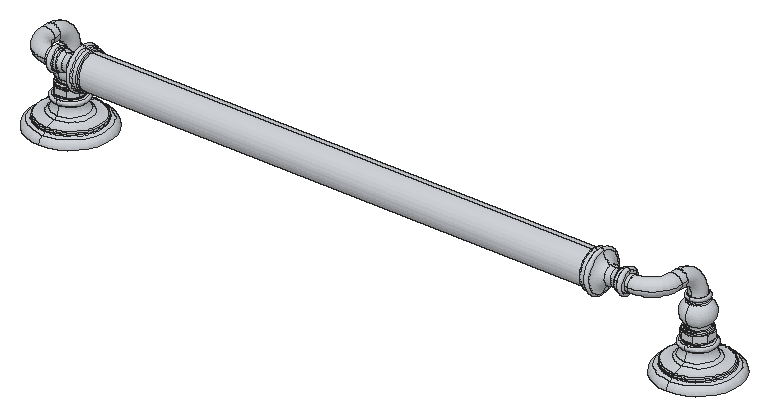
Revit family "Accessory-Grab_Bar-KOHLER-Artifacts-K-25156_1", category Specialty Equipment, host Face, Revit 2017
Family settings
  Host = Face
  Round Connector Dimension = Use Diameter
  Part Type = Normal
  OmniClass Number = 23.31.25.00
  OmniClass Title = Toilet and Bath Specialties
  Cut with Voids When Loaded = No
  Shared = No
  Room Calculation Point = No
Parameters (values of type "CP-Polished Chrome")
  Width = 24"  # constant formula
  WaterSense Certified = 1 = 0  # no
  URL = "https://www.us.kohler.com/us/"
  Type = 1
  Product Page URL = "http://www.us.kohler.com/us/catalog/productDetails.jsp?productId=25156"
  Product Name = "Artifacts"  # constant formula
  Product Documentation Link = "https://www.us.kohler.com/webassets/kpna/catalog/pdf/en/K-25156_spec_US-CA_Kohler_en.pdf"
  Model = if(Type = 1, "K-25156-CP", if(Type = 2, "K-25156-SN", if(Type = 3, "K-25156-BN", if(Type = 4, "K-25156-BV", if(Type = 5, "K-25156-2BZ", if(Type = 6, "K-25156-2MB", "NA"))))))  # "K-25156-CP"
  Material = "Premium Metal Construction"  # constant formula
  Master Format 2014 Name = "Toilet, Bath, and Laundry Accessories"  # constant formula
  Master Format 2014 = "10 28 00"  # constant formula
  Manufacturer Address = "444 Highland Dr, Kohler, WI 53044"  # constant formula
  Manufacturer = "KOHLER Co."  # constant formula
  Length = 4 3/8"  # constant formula
  Height = 4 1/4"  # constant formula
  Finish = Kohler-Metal-CP-Polished_Chrome
  Environmental Product Declaration = ""
  Description = "24 inch grab bar"  # constant formula
  Default Elevation = 42"
  Declare Label = ""
  Date Modified = "02/04/2021"  # constant formula
  Date Created = "02/04/2021"  # constant formula
  Copyright = "Copyright KOHLER Co."  # constant formula
  Contact Us = "https://www.us.kohler.com/us/static/contact.jsp"
  Assembly Code = "C1030200"
  ADA Compliant = 1 = 0  # no
Reference planes (in)
  plane 1 "Center (Front/Back)": y = 0
  plane 2: z = 0
  plane 3 "Center (Left/Right)": x = 0
  plane 4: y = 1.50203
  plane 5: y = -1.49797
  plane 6: z = 4.375
  plane 7: z = 3.59813
  plane 8: z = 2.81239
  plane 9: y = -2.74797
  plane 10: y = -1.22013
  plane 11: x = -13.5099
  plane 12: x = -10.50585
  plane 13: x = -12
  plane 14: x = 13.4901
  plane 15: x = 10.50585
  plane 16: x = 12
  plane 17: z = 0.44152
Dimensions and locks (in)
  plane 12 to plane 11 = 3.00405"
  plane 11 to plane 14 = 27"
  "Width": plane 13 to plane 16
  "Height": plane 9 to plane 4
  plane 5 to plane 4 = 3"
  "Length": level to plane 6
  aligned and locked: plane 2 to host face
  aligned and locked: level to host face
Automatic sketch dimensions
  host sketch curve to host sketch curve = 96"  (x2)
Nested families (in)
  nested 1: "K-25156" at (0, 0, 0), type "K-25156"
Definition of nested family "K-25156"
  Parameters (values of type "K-25156")
    Material = none
  Reference planes (in)
    plane 1 "Center (Front/Back)": y = 0
    plane 2: z = 0
    plane 3 "Center (Left/Right)": x = 0
    plane 4: x = -12.00787
    plane 5: x = 12.00787
    plane 6: y = 1.50203
    plane 7: z = 4.38387
    plane 8: z = 3.59813
    plane 9: z = 2.81239
    plane 10: y = -1.22013
    plane 11: y = -2.77975
    plane 12: y = -1.50203
    plane 13: x = -13.5099
    plane 14: x = -10.50585
    plane 15: x = 13.5099
    plane 16: x = 10.50585
  Forms (in)
    Revolve 1, solid, material <- "Material", detail levels medium+fine
      sketch origin (-12.00787, 0, 0) x (0, 1, 0) y (0, 0, 1)
        loop
          line (0, 0) -> (1.50203, 0)
          arc (1.50203, 0) -> (1.463, 0.15805) -> (1.34177, 0.2667) r 0.27637
          arc (1.34177, 0.2667) -> (1.27333, 0.29559) -> (1.20315, 0.31996) r 1.14245
          arc (1.20315, 0.31996) -> (1.18587, 0.33227) -> (1.17925, 0.35242) r 0.034
          line (1.17925, 0.35242) -> (1.17925, 0.41063)
          arc (1.17925, 0.41063) -> (1.1702, 0.43251) -> (1.14833, 0.44159) r 0.03095
          arc (1.14833, 0.44159) -> (0.95005, 0.46922) -> (0.7667, 0.54961) r 0.73112
          arc (0.7667, 0.54961) -> (0.70715, 0.5916) -> (0.65341, 0.6408) r 0.57302
          arc (0.65341, 0.6408) -> (0.56797, 0.7992) -> (0.57654, 0.97897) r 0.33598
          arc (0.57654, 0.97897) -> (0.58933, 1.00075) -> (0.60994, 1.01535) r 0.06001
          arc (0.60994, 1.01535) -> (0.64654, 1.09242) -> (0.57455, 1.13822) r 0.06443
          arc (0.57455, 1.13822) -> (0.53078, 1.15057) -> (0.51174, 1.19187) r 0.05431
          line (0.51174, 1.19187) -> (0.51174, 1.22485)
          arc (0.51174, 1.22485) -> (0.51758, 1.24217) -> (0.53272, 1.25242) r 0.0286
          arc (0.53272, 1.25242) -> (0.55421, 1.26695) -> (0.5625, 1.29154) r 0.04059
          line (0.5625, 1.29154) -> (0.5625, 1.42484)
          arc (0.5625, 1.42484) -> (0.54435, 1.46866) -> (0.50053, 1.48681) r 0.06197
          line (0.50053, 1.48681) -> (0.45939, 1.48681)
          arc (0.45939, 1.48681) -> (0.48215, 1.49624) -> (0.49158, 1.519) r 0.03219
          line (0.49158, 1.519) -> (0.49158, 1.57873)
          arc (0.49158, 1.57873) -> (0.48312, 1.59939) -> (0.4626, 1.60819) r 0.02947
          line (0.4626, 1.60819) -> (0.42421, 1.60819)
          arc (0.42421, 1.60819) -> (0.40295, 1.61706) -> (0.39427, 1.63841) r 0.02994
          arc (0.39427, 1.63841) -> (0.41024, 1.71621) -> (0.45438, 1.78225) r 0.20664
          arc (0.45438, 1.78225) -> (0.58363, 2.14721) -> (0.38323, 2.47848) r 0.45237
          arc (0.38323, 2.47848) -> (0.3625, 2.5012) -> (0.35499, 2.53102) r 0.06299
          line (0.35499, 2.53102) -> (0.35499, 2.61285)
          arc (0.35499, 2.61285) -> (0.40604, 2.66389) -> (0.35499, 2.71494) r 0.05104
          line (0.35499, 2.71494) -> (0, 2.71494) -> (0, 0)
        axis (0, 2.71494) -> (0, 0)
      angle from 0 to 360
    Sweep 2, solid, material <- "Material"
      path origin (-5.9984, 0, 0) x (1, 0, 0) y (0, 1, 0)
        loop
          line (-6.00394, -0.86829) -> (-6.00394, -1.14989)
          arc (-6.00394, -1.14989) -> (-5.7549, -1.75112) -> (-5.15367, -2.00015) r 0.85027
          line (-5.15367, -2.00015) -> (-4.98707, -2.00015)
      profile origin (-12.00234, -1.00909, 0) x (1, 0, 0) y (0, 0, 1)
        loop
          circle (0, 3.59774) r 0.29673
    Sweep 3, solid, material <- "Material"
      path origin (-12.0048, 0, 0) x (0, 1, 0) y (0, 0, 1)
        loop
          arc (-0.87044, 3.59849) -> (-0.2523, 3.33716) -> (0, 2.71528) r 0.87685
      profile origin (-12.0048, -0.2523, 3.33716) x (0, 0.712239, 0.701937) y (1, 0, 0)
        loop
          circle (0, 0) r 0.29528
    Revolve 4, solid, material <- "Material", detail levels medium+fine
      sketch origin (0, -1.99926, 0) x (1, 0, 0) y (0, 0, 1)
        loop
          line (-10.98793, 3.59774) -> (10.98639, 3.59774) -> (10.98639, 3.97817)
          arc (10.98639, 3.97817) -> (10.91724, 4.05681) -> (10.8304, 3.99829) r 0.07929
          arc (10.8304, 3.99829) -> (10.81704, 3.97811) -> (10.79413, 3.9703) r 0.0375
          line (10.79413, 3.9703) -> (10.6915, 3.9703)
          arc (10.6915, 3.9703) -> (10.67579, 3.96776) -> (10.66169, 3.96038) r 0.04972
          arc (10.66169, 3.96038) -> (10.58187, 3.91797) -> (10.49292, 3.90185) r 0.29366
          arc (10.49292, 3.90185) -> (10.38361, 3.90873) -> (10.27717, 3.93455) r 0.62601
          arc (10.27717, 3.93455) -> (10.07631, 4.07647) -> (9.98583, 4.30517) r 0.43077
          arc (9.98583, 4.30517) -> (9.9191, 4.37602) -> (9.83469, 4.32757) r 0.07855
          arc (9.83469, 4.32757) -> (9.81589, 4.30427) -> (9.78727, 4.2955) r 0.05108
          line (9.78727, 4.2955) -> (9.64089, 4.2955)
          arc (9.64089, 4.2955) -> (9.6184, 4.28618) -> (9.60908, 4.2637) r 0.0318
          line (9.60908, 4.2637) -> (9.60908, 4.22007) -> (-9.61062, 4.22007) -> (-9.61062, 4.2637)
          arc (-9.61062, 4.2637) -> (-9.61994, 4.28618) -> (-9.64242, 4.2955) r 0.0318
          line (-9.64242, 4.2955) -> (-9.78881, 4.2955)
          arc (-9.78881, 4.2955) -> (-9.81743, 4.30427) -> (-9.83622, 4.32757) r 0.05108
          arc (-9.83622, 4.32757) -> (-9.92064, 4.37602) -> (-9.98737, 4.30517) r 0.07855
          arc (-9.98737, 4.30517) -> (-10.07785, 4.07647) -> (-10.27871, 3.93455) r 0.43077
          arc (-10.27871, 3.93455) -> (-10.38515, 3.90873) -> (-10.49446, 3.90185) r 0.62601
          arc (-10.49446, 3.90185) -> (-10.5834, 3.91797) -> (-10.66323, 3.96038) r 0.29366
          arc (-10.66323, 3.96038) -> (-10.67733, 3.96776) -> (-10.69304, 3.9703) r 0.04972
          line (-10.69304, 3.9703) -> (-10.79567, 3.9703)
          arc (-10.79567, 3.9703) -> (-10.81858, 3.97811) -> (-10.83194, 3.99829) r 0.0375
          arc (-10.83194, 3.99829) -> (-10.91878, 4.05681) -> (-10.98793, 3.97817) r 0.07929
          line (-10.98793, 3.97817) -> (-10.98793, 3.59774)
        axis (10.98639, 3.59774) -> (-10.98793, 3.59774)
      angle from 0 to 360
    Extrusion 5, void
      sketch origin (-6.00086, 0, 0) x (1, 0, 0) y (0, 1, 0)
        loop
          line (-6.1993, 0.51405) -> (-6.52173, 0.19162) -> (-6.52173, -0.16635) -> (-6.20605, -0.48203) -> (-5.75429, -0.48203) -> (-5.48037, -0.20811) -> (-5.48037, 0.20882) -> (-5.78561, 0.51405) -> (-6.1993, 0.51405)
        loop
          line (-5.58949, 0.80816) -> (-6.28711, 0.80816) -> (-6.75797, 0.3373) -> (-6.75797, -0.24818) -> (-6.20517, -0.80098) -> (-5.8172, -0.80098) -> (-5.21797, -0.20176) -> (-5.21797, 0.3508) -> (-5.58949, 0.80816)
      from 1.23124 to 1.49689
    Revolve 6, solid, material <- "Material", detail levels coarse
      sketch origin (-12.00787, 0, 0) x (0, 1, 0) y (0, 0, 1)
        loop
          line (0, 0) -> (1.54415, 0) -> (1.54415, 0.44812) -> (1.05682, 0.44812)
          arc (1.05682, 0.44812) -> (0.6946, 0.61864) -> (0.59522, 1.00646) r 0.46999
          arc (0.59522, 1.00646) -> (0.65449, 1.07946) -> (0.59522, 1.15246) r 0.07459
          line (0.59522, 1.15246) -> (0.55272, 1.15246) -> (0.55272, 1.6187) -> (0.44909, 1.6187)
          arc (0.44909, 1.6187) -> (0.63469, 2.0768) -> (0.44909, 2.5349) r 0.65816
          line (0.44909, 2.5349) -> (0.44909, 2.81239) -> (0, 2.81239) -> (0, 0)
        axis (0, 2.81239) -> (0, 0)
      angle from 0 to 360
    Revolve 7, solid, material <- "Material", detail levels coarse
      sketch origin (0, -1.99311, 0) x (1, 0, 0) y (0, 0, 1)
        loop
          line (-10.991, 3.60482) -> (10.991, 3.60482) -> (10.991, 4.05707)
          arc (10.991, 4.05707) -> (10.93695, 4.13116) -> (10.84991, 4.10231) r 0.0778
          arc (10.84991, 4.10231) -> (10.38189, 3.93506) -> (10.03456, 4.29055) r 0.46042
          arc (10.03456, 4.29055) -> (9.91915, 4.38456) -> (9.80373, 4.29055) r 0.11785
          line (9.80373, 4.29055) -> (0.00394, 4.29055) -> (-9.80373, 4.29055)
          arc (-9.80373, 4.29055) -> (-9.91915, 4.38456) -> (-10.03456, 4.29055) r 0.11785
          arc (-10.03456, 4.29055) -> (-10.38189, 3.93506) -> (-10.84991, 4.10231) r 0.46042
          arc (-10.84991, 4.10231) -> (-10.93695, 4.13116) -> (-10.991, 4.05707) r 0.0778
          line (-10.991, 4.05707) -> (-10.991, 3.60482)
        axis (-10.991, 3.60482) -> (10.991, 3.60482)
      angle from 0 to 360
    Revolve 8, solid, material <- "Material", detail levels coarse
      sketch origin (12.00172, 0, 0) x (0, 1, 0) y (0, 0, -1)
        loop
          line (0, 0) -> (0, -2.81239) -> (0.44909, -2.81239) -> (0.44909, -2.5349)
          arc (0.44909, -2.5349) -> (0.63469, -2.0768) -> (0.44909, -1.6187) r 0.65816
          line (0.44909, -1.6187) -> (0.55272, -1.6187) -> (0.55272, -1.15246) -> (0.59522, -1.15246)
          arc (0.59522, -1.15246) -> (0.65449, -1.07946) -> (0.59522, -1.00646) r 0.07459
          arc (0.59522, -1.00646) -> (0.6946, -0.61864) -> (1.05682, -0.44812) r 0.46999
          line (1.05682, -0.44812) -> (1.54415, -0.44812) -> (1.54415, 0) -> (0, 0)
        axis (0, -2.81239) -> (0, 0)
      angle from 0 to 360
    Revolve 9, solid, material <- "Material", detail levels medium+fine
      sketch origin (12.00787, 0, 0) x (0, 1, 0) y (0, 0, -1)
        loop
          line (0, 0) -> (0, -2.71494) -> (0.35499, -2.71494)
          arc (0.35499, -2.71494) -> (0.40604, -2.66389) -> (0.35499, -2.61285) r 0.05104
          line (0.35499, -2.61285) -> (0.35499, -2.53102)
          arc (0.35499, -2.53102) -> (0.3625, -2.5012) -> (0.38323, -2.47848) r 0.06299
          arc (0.38323, -2.47848) -> (0.58363, -2.14721) -> (0.45438, -1.78225) r 0.45237
          arc (0.45438, -1.78225) -> (0.41024, -1.71621) -> (0.39427, -1.63841) r 0.20664
          arc (0.39427, -1.63841) -> (0.40295, -1.61706) -> (0.42421, -1.60819) r 0.02994
          line (0.42421, -1.60819) -> (0.4626, -1.60819)
          arc (0.4626, -1.60819) -> (0.48312, -1.59939) -> (0.49158, -1.57873) r 0.02947
          line (0.49158, -1.57873) -> (0.49158, -1.519)
          arc (0.49158, -1.519) -> (0.48215, -1.49624) -> (0.45939, -1.48681) r 0.03219
          line (0.45939, -1.48681) -> (0.50053, -1.48681)
          arc (0.50053, -1.48681) -> (0.54435, -1.46866) -> (0.5625, -1.42484) r 0.06197
          line (0.5625, -1.42484) -> (0.5625, -1.29154)
          arc (0.5625, -1.29154) -> (0.55421, -1.26695) -> (0.53272, -1.25242) r 0.04059
          arc (0.53272, -1.25242) -> (0.51758, -1.24217) -> (0.51174, -1.22485) r 0.0286
          line (0.51174, -1.22485) -> (0.51174, -1.19187)
          arc (0.51174, -1.19187) -> (0.53078, -1.15057) -> (0.57455, -1.13822) r 0.05431
          arc (0.57455, -1.13822) -> (0.64654, -1.09242) -> (0.60994, -1.01535) r 0.06443
          arc (0.60994, -1.01535) -> (0.58933, -1.00075) -> (0.57654, -0.97897) r 0.06001
          arc (0.57654, -0.97897) -> (0.56797, -0.7992) -> (0.65341, -0.6408) r 0.33598
          arc (0.65341, -0.6408) -> (0.70715, -0.5916) -> (0.7667, -0.54961) r 0.57302
          arc (0.7667, -0.54961) -> (0.95005, -0.46922) -> (1.14833, -0.44159) r 0.73112
          arc (1.14833, -0.44159) -> (1.1702, -0.43251) -> (1.17925, -0.41063) r 0.03095
          line (1.17925, -0.41063) -> (1.17925, -0.35242)
          arc (1.17925, -0.35242) -> (1.18587, -0.33227) -> (1.20315, -0.31996) r 0.034
          arc (1.20315, -0.31996) -> (1.27333, -0.29559) -> (1.34177, -0.2667) r 1.14245
          arc (1.34177, -0.2667) -> (1.463, -0.15805) -> (1.50203, 0) r 0.27637
          line (1.50203, 0) -> (0, 0)
        axis (0, -2.71494) -> (0, 0)
      angle from 0 to 360
    Sweep 10, solid, material <- "Material"
      path origin (12.0048, 0, 0) x (0, 1, 0) y (0, 0, -1)
        loop
          arc (-0.87044, -3.59849) -> (-0.2523, -3.33716) -> (0, -2.71528) r 0.87685
      profile origin (12.0048, -0.2523, 3.33716) x (0, -0.712239, -0.701937) y (-1, 0, 0)
        loop
          circle (0, 0) r 0.29528
    Extrusion 11, void
      sketch origin (6.00086, 0, 0) x (-1, 0, 0) y (0, -1, 0)
        loop
          line (-6.1993, -0.51405) -> (-5.78561, -0.51405) -> (-5.48037, -0.20882) -> (-5.48037, 0.20811) -> (-5.75429, 0.48203) -> (-6.20605, 0.48203) -> (-6.52173, 0.16635) -> (-6.52173, -0.19162) -> (-6.1993, -0.51405)
        loop
          line (-5.58949, -0.80816) -> (-5.21797, -0.3508) -> (-5.21797, 0.20176) -> (-5.8172, 0.80098) -> (-6.20517, 0.80098) -> (-6.75797, 0.24818) -> (-6.75797, -0.3373) -> (-6.28711, -0.80816) -> (-5.58949, -0.80816)
      from 1.23124 to 1.49689
    Sweep 12, solid, material <- "Material"
      path origin (5.9984, 0, 0) x (-1, 0, 0) y (0, 1, 0)
        loop
          line (-6.00394, -0.86829) -> (-6.00394, -1.14989)
          arc (-6.00394, -1.14989) -> (-5.7549, -1.75112) -> (-5.15367, -2.00015) r 0.85027
          line (-5.15367, -2.00015) -> (-4.98707, -2.00015)
      profile origin (12.00234, -1.00909, 0) x (1, 0, 0) y (0, 0, 1)
        loop
          circle (0, 3.59774) r 0.29673
  Cuts and joins
    Extrusion 5 cuts Sweep 3
    joined: Sweep 3, Sweep 10
    Extrusion 5, Extrusion 11 cuts Revolve 1
    Extrusion 11 cuts Revolve 9
    joined: Sweep 2, Sweep 12
  Lines and regions (in)
    Masking region 1
      outline origin (0, 0, 0) x (0, 1, 0) y (0, 0, 1)
        loop
          arc (1.50203, 0) -> (1.46924, 0.15485) -> (1.35153, 0.26066) r 0.25548
          arc (1.35153, 0.26066) -> (1.2769, 0.29227) -> (1.20126, 0.32138) r 2.43179
          arc (1.20126, 0.32138) -> (1.18637, 0.33221) -> (1.17945, 0.34929) r 0.0335
          line (1.17945, 0.34929) -> (1.17945, 0.4117)
          arc (1.17945, 0.4117) -> (1.17072, 0.43279) -> (1.14963, 0.44152) r 0.02983
          arc (1.14963, 0.44152) -> (1.11197, 0.44262) -> (1.07444, 0.4459) r 0.64733
          arc (1.07444, 0.4459) -> (1.02704, 0.45259) -> (0.98001, 0.46153) r 1.00495
          arc (0.98001, 0.46153) -> (0.93954, 0.47222) -> (0.90023, 0.48662) r 0.45034
          arc (0.90023, 0.48662) -> (0.79635, 0.5371) -> (0.69859, 0.5986) r 1.05762
          arc (0.69859, 0.5986) -> (0.61897, 0.67887) -> (0.57134, 0.78141) r 0.32792
          arc (0.57134, 0.78141) -> (0.55965, 0.87297) -> (0.57275, 0.96434) r 0.34382
          arc (0.57275, 0.96434) -> (0.58173, 0.9866) -> (0.59522, 1.00646) r 0.11294
          arc (0.59522, 1.00646) -> (0.64929, 1.07317) -> (0.59522, 1.13988) r 0.06818
          line (0.59522, 1.13988) -> (0.55272, 1.13988)
          arc (0.55272, 1.13988) -> (0.52576, 1.15083) -> (0.51405, 1.17747) r 0.03869
          line (0.51405, 1.17747) -> (0.51405, 1.48531) -> (0.46015, 1.48531)
          arc (0.46015, 1.48531) -> (0.48282, 1.4947) -> (0.49221, 1.51738) r 0.03206
          line (0.49221, 1.51738) -> (0.49221, 1.58166)
          arc (0.49221, 1.58166) -> (0.48446, 1.60037) -> (0.46576, 1.60812) r 0.02646
          line (0.46576, 1.60812) -> (0.42061, 1.60812)
          arc (0.42061, 1.60812) -> (0.40177, 1.61592) -> (0.39397, 1.63476) r 0.02664
          arc (0.39397, 1.63476) -> (0.39639, 1.6675) -> (0.4036, 1.69953) r 0.22267
          arc (0.4036, 1.69953) -> (0.43147, 1.75842) -> (0.47519, 1.80672) r 0.22267
          arc (0.47519, 1.80672) -> (0.49989, 1.83245) -> (0.51795, 1.8632) r 0.15257
          arc (0.51795, 1.8632) -> (0.54646, 1.91641) -> (0.56635, 1.9734) r 0.38738
          arc (0.56635, 1.9734) -> (0.58638, 2.07066) -> (0.58008, 2.16977) r 0.37361
          arc (0.58008, 2.16977) -> (0.51887, 2.3323) -> (0.40872, 2.46657) r 0.53376
          arc (0.40872, 2.46657) -> (0.37367, 2.49141) -> (0.35499, 2.5301) r 0.08608
          line (0.35499, 2.5301) -> (0.35499, 2.61285)
          arc (0.35499, 2.61285) -> (0.40723, 2.66509) -> (0.35499, 2.71732) r 0.05224
          line (0.35499, 2.71732) -> (0.29439, 2.71732)
          arc (0.29439, 2.71732) -> (0.29136, 2.82642) -> (0.2754, 2.93438) r 0.91707
          arc (0.2754, 2.93438) -> (0.25742, 3.01278) -> (0.23649, 3.09044) r 2.1167
          arc (0.23649, 3.09044) -> (0.07031, 3.41249) -> (-0.18462, 3.67004) r 1.19706
          arc (-0.18462, 3.67004) -> (-0.50499, 3.8364) -> (-0.86138, 3.89438) r 1.1354
          line (-0.86138, 3.89438) -> (-1.27927, 3.89438)
          arc (-1.27927, 3.89438) -> (-2.15087, 4.3691) -> (-2.77588, 3.59813) r 0.7757
          arc (-2.77588, 3.59813) -> (-2.15087, 2.82715) -> (-1.27927, 3.30188) r 0.7757
          line (-1.27927, 3.30188) -> (-0.87971, 3.30188)
          arc (-0.87971, 3.30188) -> (-0.46641, 3.13066) -> (-0.29527, 2.71732) r 0.58444
          line (-0.29527, 2.71732) -> (-0.35499, 2.71732)
          arc (-0.35499, 2.71732) -> (-0.40723, 2.66509) -> (-0.35499, 2.61285) r 0.05224
          line (-0.35499, 2.61285) -> (-0.35499, 2.5301)
          arc (-0.35499, 2.5301) -> (-0.37367, 2.49141) -> (-0.40872, 2.46657) r 0.08608
          arc (-0.40872, 2.46657) -> (-0.51887, 2.3323) -> (-0.58008, 2.16977) r 0.53376
          arc (-0.58008, 2.16977) -> (-0.58638, 2.07066) -> (-0.56635, 1.9734) r 0.37361
          arc (-0.56635, 1.9734) -> (-0.54646, 1.91641) -> (-0.51795, 1.8632) r 0.38738
          arc (-0.51795, 1.8632) -> (-0.49989, 1.83245) -> (-0.47519, 1.80672) r 0.15257
          arc (-0.47519, 1.80672) -> (-0.43147, 1.75842) -> (-0.4036, 1.69953) r 0.22267
          arc (-0.4036, 1.69953) -> (-0.39639, 1.6675) -> (-0.39397, 1.63476) r 0.22267
          arc (-0.39397, 1.63476) -> (-0.40177, 1.61592) -> (-0.42061, 1.60812) r 0.02664
          line (-0.42061, 1.60812) -> (-0.46576, 1.60812)
          arc (-0.46576, 1.60812) -> (-0.48446, 1.60037) -> (-0.49221, 1.58166) r 0.02646
          line (-0.49221, 1.58166) -> (-0.49221, 1.51738)
          arc (-0.49221, 1.51738) -> (-0.48282, 1.4947) -> (-0.46015, 1.48531) r 0.03206
          line (-0.46015, 1.48531) -> (-0.51405, 1.48531) -> (-0.51405, 1.17747)
          arc (-0.51405, 1.17747) -> (-0.52576, 1.15083) -> (-0.55272, 1.13988) r 0.03869
          line (-0.55272, 1.13988) -> (-0.59522, 1.13988)
          arc (-0.59522, 1.13988) -> (-0.64929, 1.07317) -> (-0.59522, 1.00646) r 0.06818
          arc (-0.59522, 1.00646) -> (-0.58173, 0.9866) -> (-0.57275, 0.96434) r 0.11294
          arc (-0.57275, 0.96434) -> (-0.55965, 0.87297) -> (-0.57134, 0.78141) r 0.34382
          arc (-0.57134, 0.78141) -> (-0.61897, 0.67887) -> (-0.69859, 0.5986) r 0.32792
          arc (-0.69859, 0.5986) -> (-0.79635, 0.5371) -> (-0.90023, 0.48662) r 1.05762
          arc (-0.90023, 0.48662) -> (-0.93954, 0.47222) -> (-0.98001, 0.46153) r 0.45034
          arc (-0.98001, 0.46153) -> (-1.02704, 0.45259) -> (-1.07444, 0.4459) r 1.00495
          arc (-1.07444, 0.4459) -> (-1.11197, 0.44262) -> (-1.14963, 0.44152) r 0.64733
          arc (-1.14963, 0.44152) -> (-1.17072, 0.43279) -> (-1.17945, 0.4117) r 0.02983
          line (-1.17945, 0.4117) -> (-1.17945, 0.34929)
          arc (-1.17945, 0.34929) -> (-1.18637, 0.33221) -> (-1.20126, 0.32138) r 0.0335
          arc (-1.20126, 0.32138) -> (-1.2769, 0.29227) -> (-1.35153, 0.26066) r 2.43179
          arc (-1.35153, 0.26066) -> (-1.46924, 0.15485) -> (-1.50203, 0) r 0.25548
          line (-1.50203, 0) -> (1.50203, 0)
    Masking region 2
      outline origin (0, 0, 0) x (1, 0, 0) y (0, 0, 1)
        loop
          line (12.00787, 0) -> (13.50591, 0)
          arc (13.50591, 0) -> (13.45662, 0.17884) -> (13.30542, 0.28632) r 0.27662
          arc (13.30542, 0.28632) -> (13.25826, 0.30418) -> (13.21064, 0.32082) r 1.94455
          arc (13.21064, 0.32082) -> (13.19406, 0.33276) -> (13.18715, 0.352) r 0.03447
          line (13.18715, 0.352) -> (13.18715, 0.40998)
          arc (13.18715, 0.40998) -> (13.17926, 0.43106) -> (13.15946, 0.44179) r 0.03212
          arc (13.15946, 0.44179) -> (13.13905, 0.44236) -> (13.11865, 0.44321) r 1.5345
          arc (13.11865, 0.44321) -> (13.04618, 0.45068) -> (12.97496, 0.46597) r 0.66949
          arc (12.97496, 0.46597) -> (12.83655, 0.51805) -> (12.7103, 0.59505) r 0.78843
          arc (12.7103, 0.59505) -> (12.62179, 0.69125) -> (12.57413, 0.81298) r 0.3547
          arc (12.57413, 0.81298) -> (12.56901, 0.89954) -> (12.58612, 0.98455) r 0.33748
          arc (12.58612, 0.98455) -> (12.60589, 1.00793) -> (12.63179, 1.02425) r 0.10018
          arc (12.63179, 1.02425) -> (12.65783, 1.07483) -> (12.63179, 1.12542) r 0.06215
          arc (12.63179, 1.12542) -> (12.6124, 1.13541) -> (12.59096, 1.13948) r 0.07592
          line (12.59096, 1.13948) -> (12.56004, 1.13948)
          arc (12.56004, 1.13948) -> (12.53696, 1.15325) -> (12.52259, 1.17596) r 0.0579
          line (12.52259, 1.17596) -> (12.52259, 1.48696) -> (12.46715, 1.48696)
          arc (12.46715, 1.48696) -> (12.48995, 1.49641) -> (12.49939, 1.5192) r 0.03224
          line (12.49939, 1.5192) -> (12.49939, 1.57873)
          arc (12.49939, 1.57873) -> (12.49076, 1.59956) -> (12.46993, 1.60819) r 0.02946
          line (12.46993, 1.60819) -> (12.43104, 1.60819)
          arc (12.43104, 1.60819) -> (12.41052, 1.61669) -> (12.40203, 1.6372) r 0.02901
          arc (12.40203, 1.6372) -> (12.40644, 1.67919) -> (12.41949, 1.71935) r 0.20195
          arc (12.41949, 1.71935) -> (12.43655, 1.75013) -> (12.45871, 1.77749) r 0.20195
          arc (12.45871, 1.77749) -> (12.50768, 1.8369) -> (12.54676, 1.90325) r 0.49068
          arc (12.54676, 1.90325) -> (12.59221, 2.1001) -> (12.54676, 2.29695) r 0.44905
          arc (12.54676, 2.29695) -> (12.47791, 2.40097) -> (12.38448, 2.48363) r 0.47785
          arc (12.38448, 2.48363) -> (12.36878, 2.50459) -> (12.36287, 2.5301) r 0.06353
          line (12.36287, 2.5301) -> (12.36287, 2.61285)
          arc (12.36287, 2.61285) -> (12.41387, 2.66386) -> (12.36287, 2.71486) r 0.05101
          line (12.36287, 2.71486) -> (12.30056, 2.71486) -> (12.30056, 3.6217)
          arc (12.30056, 3.6217) -> (12.20597, 3.81587) -> (12.0048, 3.89447) r 0.29673
          line (12.0048, 3.89447) -> (10.99383, 3.89447) -> (10.99383, 3.97816)
          arc (10.99383, 3.97816) -> (10.92001, 4.05827) -> (10.83414, 3.99124) r 0.08038
          arc (10.83414, 3.99124) -> (10.81995, 3.97511) -> (10.79904, 3.97015) r 0.03541
          line (10.79904, 3.97015) -> (10.70217, 3.97015)
          arc (10.70217, 3.97015) -> (10.68601, 3.96806) -> (10.67092, 3.96193) r 0.06351
          arc (10.67092, 3.96193) -> (10.61316, 3.92742) -> (10.54886, 3.90759) r 0.28189
          arc (10.54886, 3.90759) -> (10.47375, 3.90082) -> (10.39864, 3.90759) r 0.42044
          arc (10.39864, 3.90759) -> (10.20718, 3.97114) -> (10.06117, 4.11036) r 0.46107
          arc (10.06117, 4.11036) -> (10.0156, 4.20232) -> (9.99489, 4.30285) r 0.40045
          arc (9.99489, 4.30285) -> (9.92212, 4.38449) -> (9.83628, 4.31673) r 0.07975
          arc (9.83628, 4.31673) -> (9.81809, 4.3015) -> (9.79508, 4.29574) r 0.05301
          line (9.79508, 4.29574) -> (9.65086, 4.29574)
          arc (9.65086, 4.29574) -> (9.62933, 4.28831) -> (9.61694, 4.2692) r 0.03494
          line (9.61694, 4.2692) -> (9.61694, 4.21997) -> (0, 4.21997) -> (-9.61694, 4.21997) -> (-9.61694, 4.2692)
          arc (-9.61694, 4.2692) -> (-9.62933, 4.28831) -> (-9.65086, 4.29574) r 0.03494
          line (-9.65086, 4.29574) -> (-9.79508, 4.29574)
          arc (-9.79508, 4.29574) -> (-9.81809, 4.3015) -> (-9.83628, 4.31673) r 0.05301
          arc (-9.83628, 4.31673) -> (-9.92212, 4.38449) -> (-9.99489, 4.30285) r 0.07975
          arc (-9.99489, 4.30285) -> (-10.0156, 4.20232) -> (-10.06117, 4.11036) r 0.40045
          arc (-10.06117, 4.11036) -> (-10.20718, 3.97114) -> (-10.39864, 3.90759) r 0.46107
          arc (-10.39864, 3.90759) -> (-10.47375, 3.90082) -> (-10.54886, 3.90759) r 0.42044
          arc (-10.54886, 3.90759) -> (-10.61316, 3.92742) -> (-10.67092, 3.96193) r 0.28189
          arc (-10.67092, 3.96193) -> (-10.68601, 3.96806) -> (-10.70217, 3.97015) r 0.06351
          line (-10.70217, 3.97015) -> (-10.79904, 3.97015)
          arc (-10.79904, 3.97015) -> (-10.81995, 3.97511) -> (-10.83414, 3.99124) r 0.03541
          arc (-10.83414, 3.99124) -> (-10.92001, 4.05827) -> (-10.99383, 3.97816) r 0.08038
          line (-10.99383, 3.97816) -> (-10.99383, 3.89447) -> (-12.0048, 3.89447)
          arc (-12.0048, 3.89447) -> (-12.20597, 3.81587) -> (-12.30056, 3.6217) r 0.29673
          line (-12.30056, 3.6217) -> (-12.30056, 2.71486) -> (-12.36287, 2.71486)
          arc (-12.36287, 2.71486) -> (-12.41387, 2.66386) -> (-12.36287, 2.61285) r 0.05101
          line (-12.36287, 2.61285) -> (-12.36287, 2.5301)
          arc (-12.36287, 2.5301) -> (-12.36878, 2.50459) -> (-12.38448, 2.48363) r 0.06353
          arc (-12.38448, 2.48363) -> (-12.47791, 2.40097) -> (-12.54676, 2.29695) r 0.47785
          arc (-12.54676, 2.29695) -> (-12.59221, 2.1001) -> (-12.54676, 1.90325) r 0.44905
          arc (-12.54676, 1.90325) -> (-12.50768, 1.8369) -> (-12.45871, 1.77749) r 0.49068
          arc (-12.45871, 1.77749) -> (-12.43655, 1.75013) -> (-12.41949, 1.71935) r 0.20195
          arc (-12.41949, 1.71935) -> (-12.40644, 1.67919) -> (-12.40203, 1.6372) r 0.20195
          arc (-12.40203, 1.6372) -> (-12.41052, 1.61669) -> (-12.43104, 1.60819) r 0.02901
          line (-12.43104, 1.60819) -> (-12.46993, 1.60819)
          arc (-12.46993, 1.60819) -> (-12.49076, 1.59956) -> (-12.49939, 1.57873) r 0.02946
          line (-12.49939, 1.57873) -> (-12.49939, 1.5192)
          arc (-12.49939, 1.5192) -> (-12.48995, 1.49641) -> (-12.46715, 1.48696) r 0.03224
          line (-12.46715, 1.48696) -> (-12.52259, 1.48696) -> (-12.52259, 1.17596)
          arc (-12.52259, 1.17596) -> (-12.53696, 1.15325) -> (-12.56004, 1.13948) r 0.0579
          line (-12.56004, 1.13948) -> (-12.59096, 1.13948)
          arc (-12.59096, 1.13948) -> (-12.6124, 1.13541) -> (-12.63179, 1.12542) r 0.07592
          arc (-12.63179, 1.12542) -> (-12.65783, 1.07483) -> (-12.63179, 1.02425) r 0.06215
          arc (-12.63179, 1.02425) -> (-12.60589, 1.00793) -> (-12.58612, 0.98455) r 0.10018
          arc (-12.58612, 0.98455) -> (-12.56901, 0.89954) -> (-12.57413, 0.81298) r 0.33748
          arc (-12.57413, 0.81298) -> (-12.62179, 0.69125) -> (-12.7103, 0.59505) r 0.3547
          arc (-12.7103, 0.59505) -> (-12.83655, 0.51805) -> (-12.97496, 0.46597) r 0.78843
          arc (-12.97496, 0.46597) -> (-13.04618, 0.45068) -> (-13.11865, 0.44321) r 0.66949
          arc (-13.11865, 0.44321) -> (-13.13905, 0.44236) -> (-13.15946, 0.44179) r 1.5345
          arc (-13.15946, 0.44179) -> (-13.17926, 0.43106) -> (-13.18715, 0.40998) r 0.03212
          line (-13.18715, 0.40998) -> (-13.18715, 0.352)
          arc (-13.18715, 0.352) -> (-13.19406, 0.33276) -> (-13.21064, 0.32082) r 0.03447
          arc (-13.21064, 0.32082) -> (-13.25826, 0.30418) -> (-13.30542, 0.28632) r 1.94455
          arc (-13.30542, 0.28632) -> (-13.45662, 0.17884) -> (-13.50591, 0) r 0.27662
          line (-13.50591, 0) -> (-12.00787, 0)
        loop
          line (12.00172, 0) -> (10.50369, 0)
          arc (10.50369, 0) -> (10.55298, 0.17884) -> (10.70417, 0.28632) r 0.27662
          arc (10.70417, 0.28632) -> (10.75134, 0.30418) -> (10.79896, 0.32082) r 1.94455
          arc (10.79896, 0.32082) -> (10.81554, 0.33276) -> (10.82245, 0.352) r 0.03447
          line (10.82245, 0.352) -> (10.82245, 0.40998)
          arc (10.82245, 0.40998) -> (10.83034, 0.43106) -> (10.85013, 0.44179) r 0.03212
          arc (10.85013, 0.44179) -> (10.87055, 0.44236) -> (10.89095, 0.44321) r 1.5345
          arc (10.89095, 0.44321) -> (10.96341, 0.45068) -> (11.03464, 0.46597) r 0.66949
          arc (11.03464, 0.46597) -> (11.17305, 0.51805) -> (11.2993, 0.59505) r 0.78843
          arc (11.2993, 0.59505) -> (11.38781, 0.69125) -> (11.43547, 0.81298) r 0.3547
          arc (11.43547, 0.81298) -> (11.44058, 0.89954) -> (11.42347, 0.98455) r 0.33748
          arc (11.42347, 0.98455) -> (11.40371, 1.00793) -> (11.3778, 1.02425) r 0.10018
          arc (11.3778, 1.02425) -> (11.35176, 1.07483) -> (11.3778, 1.12542) r 0.06215
          arc (11.3778, 1.12542) -> (11.3972, 1.13541) -> (11.41864, 1.13948) r 0.07592
          line (11.41864, 1.13948) -> (11.44956, 1.13948)
          arc (11.44956, 1.13948) -> (11.4697, 1.15058) -> (11.48393, 1.16865) r 0.0579
          line (11.48393, 1.16865) -> (11.48393, 1.48696) -> (11.54245, 1.48696)
          arc (11.54245, 1.48696) -> (11.51965, 1.49641) -> (11.5102, 1.5192) r 0.03224
          line (11.5102, 1.5192) -> (11.5102, 1.57873)
          arc (11.5102, 1.57873) -> (11.51883, 1.59956) -> (11.53967, 1.60819) r 0.02946
          line (11.53967, 1.60819) -> (11.57856, 1.60819)
          arc (11.57856, 1.60819) -> (11.59907, 1.61669) -> (11.60757, 1.6372) r 0.02901
          arc (11.60757, 1.6372) -> (11.60316, 1.67919) -> (11.59011, 1.71935) r 0.20195
          arc (11.59011, 1.71935) -> (11.57304, 1.75013) -> (11.55089, 1.77749) r 0.20195
          arc (11.55089, 1.77749) -> (11.50191, 1.8369) -> (11.46284, 1.90325) r 0.49068
          arc (11.46284, 1.90325) -> (11.41739, 2.1001) -> (11.46284, 2.29695) r 0.44905
          arc (11.46284, 2.29695) -> (11.53169, 2.40097) -> (11.62511, 2.48363) r 0.47785
          arc (11.62511, 2.48363) -> (11.64082, 2.50459) -> (11.64673, 2.5301) r 0.06353
          line (11.64673, 2.5301) -> (11.64673, 2.61285)
          arc (11.64673, 2.61285) -> (11.59572, 2.66386) -> (11.64673, 2.71486) r 0.05101
          line (11.64673, 2.71486) -> (11.70903, 2.71486) -> (11.70903, 3.30178) -> (10.99383, 3.30178) -> (10.99383, 3.21809)
          arc (10.99383, 3.21809) -> (10.92001, 3.13798) -> (10.83414, 3.20501) r 0.08038
          arc (10.83414, 3.20501) -> (10.81995, 3.22115) -> (10.79904, 3.2261) r 0.03541
          line (10.79904, 3.2261) -> (10.70217, 3.2261)
          arc (10.70217, 3.2261) -> (10.68601, 3.22819) -> (10.67092, 3.23432) r 0.06351
          arc (10.67092, 3.23432) -> (10.61316, 3.26883) -> (10.54886, 3.28867) r 0.28189
          arc (10.54886, 3.28867) -> (10.47375, 3.29543) -> (10.39864, 3.28867) r 0.42044
          arc (10.39864, 3.28867) -> (10.20718, 3.22511) -> (10.06117, 3.0859) r 0.46107
          arc (10.06117, 3.0859) -> (10.0156, 2.99393) -> (9.99489, 2.8934) r 0.40045
          arc (9.99489, 2.8934) -> (9.92212, 2.81176) -> (9.83628, 2.87953) r 0.07975
          arc (9.83628, 2.87953) -> (9.81809, 2.89475) -> (9.79508, 2.90052) r 0.05301
          line (9.79508, 2.90052) -> (9.65086, 2.90052)
          arc (9.65086, 2.90052) -> (9.62933, 2.90794) -> (9.61694, 2.92706) r 0.03494
          line (9.61694, 2.92706) -> (9.61694, 2.97629) -> (0, 2.97629) -> (-9.61694, 2.97629) -> (-9.61694, 2.92706)
          arc (-9.61694, 2.92706) -> (-9.62933, 2.90794) -> (-9.65086, 2.90052) r 0.03494
          line (-9.65086, 2.90052) -> (-9.79508, 2.90052)
          arc (-9.79508, 2.90052) -> (-9.81809, 2.89475) -> (-9.83628, 2.87953) r 0.05301
          arc (-9.83628, 2.87953) -> (-9.92212, 2.81176) -> (-9.99489, 2.8934) r 0.07975
          arc (-9.99489, 2.8934) -> (-10.0156, 2.99393) -> (-10.06117, 3.0859) r 0.40045
          arc (-10.06117, 3.0859) -> (-10.20718, 3.22511) -> (-10.39864, 3.28867) r 0.46107
          arc (-10.39864, 3.28867) -> (-10.47375, 3.29543) -> (-10.54886, 3.28867) r 0.42044
          arc (-10.54886, 3.28867) -> (-10.61316, 3.26883) -> (-10.67092, 3.23432) r 0.28189
          arc (-10.67092, 3.23432) -> (-10.68601, 3.22819) -> (-10.70217, 3.2261) r 0.06351
          line (-10.70217, 3.2261) -> (-10.79904, 3.2261)
          arc (-10.79904, 3.2261) -> (-10.81995, 3.22115) -> (-10.83414, 3.20501) r 0.03541
          arc (-10.83414, 3.20501) -> (-10.92001, 3.13798) -> (-10.99383, 3.21809) r 0.08038
          line (-10.99383, 3.21809) -> (-10.99383, 3.30178) -> (-11.70903, 3.30178) -> (-11.70903, 2.71486) -> (-11.64673, 2.71486)
          arc (-11.64673, 2.71486) -> (-11.59572, 2.66386) -> (-11.64673, 2.61285) r 0.05101
          line (-11.64673, 2.61285) -> (-11.64673, 2.5301)
          arc (-11.64673, 2.5301) -> (-11.64082, 2.50459) -> (-11.62511, 2.48363) r 0.06353
          arc (-11.62511, 2.48363) -> (-11.53169, 2.40097) -> (-11.46284, 2.29695) r 0.47785
          arc (-11.46284, 2.29695) -> (-11.41739, 2.1001) -> (-11.46284, 1.90325) r 0.44905
          arc (-11.46284, 1.90325) -> (-11.50191, 1.8369) -> (-11.55089, 1.77749) r 0.49068
          arc (-11.55089, 1.77749) -> (-11.57304, 1.75013) -> (-11.59011, 1.71935) r 0.20195
          arc (-11.59011, 1.71935) -> (-11.60316, 1.67919) -> (-11.60757, 1.6372) r 0.20195
          arc (-11.60757, 1.6372) -> (-11.59907, 1.61669) -> (-11.57856, 1.60819) r 0.02901
          line (-11.57856, 1.60819) -> (-11.53967, 1.60819)
          arc (-11.53967, 1.60819) -> (-11.51883, 1.59956) -> (-11.5102, 1.57873) r 0.02946
          line (-11.5102, 1.57873) -> (-11.5102, 1.5192)
          arc (-11.5102, 1.5192) -> (-11.51965, 1.49641) -> (-11.54245, 1.48696) r 0.03224
          line (-11.54245, 1.48696) -> (-11.48085, 1.48696) -> (-11.48085, 1.16329)
          arc (-11.48085, 1.16329) -> (-11.46729, 1.14864) -> (-11.44956, 1.13948) r 0.0579
          line (-11.44956, 1.13948) -> (-11.41864, 1.13948)
          arc (-11.41864, 1.13948) -> (-11.3972, 1.13541) -> (-11.3778, 1.12542) r 0.07592
          arc (-11.3778, 1.12542) -> (-11.35176, 1.07483) -> (-11.3778, 1.02425) r 0.06215
          arc (-11.3778, 1.02425) -> (-11.40371, 1.00793) -> (-11.42347, 0.98455) r 0.10018
          arc (-11.42347, 0.98455) -> (-11.44058, 0.89954) -> (-11.43547, 0.81298) r 0.33748
          arc (-11.43547, 0.81298) -> (-11.38781, 0.69125) -> (-11.2993, 0.59505) r 0.3547
          arc (-11.2993, 0.59505) -> (-11.17305, 0.51805) -> (-11.03464, 0.46597) r 0.78843
          arc (-11.03464, 0.46597) -> (-10.96341, 0.45068) -> (-10.89095, 0.44321) r 0.66949
          arc (-10.89095, 0.44321) -> (-10.87055, 0.44236) -> (-10.85013, 0.44179) r 1.5345
          arc (-10.85013, 0.44179) -> (-10.83034, 0.43106) -> (-10.82245, 0.40998) r 0.03212
          line (-10.82245, 0.40998) -> (-10.82245, 0.352)
          arc (-10.82245, 0.352) -> (-10.81554, 0.33276) -> (-10.79896, 0.32082) r 0.03447
          arc (-10.79896, 0.32082) -> (-10.75134, 0.30418) -> (-10.70417, 0.28632) r 1.94455
          arc (-10.70417, 0.28632) -> (-10.55298, 0.17884) -> (-10.50369, 0) r 0.27662
          line (-10.50369, 0) -> (-12.00172, 0)
    Masking region 3
      outline origin (0, 0, 0) x (1, 0, 0) y (0, 1, 0)
        loop
          arc (-12.00787, 1.50203) -> (-13.50489, 0.12258) -> (-12.25222, -1.48202) r 1.50203
          arc (-12.25222, -1.48202) -> (-12.15212, -1.71407) -> (-12.0048, -1.91941) r 1.17725
          arc (-12.0048, -1.91941) -> (-11.5477, -2.23149) -> (-10.99791, -2.29517) r 1.15539
          line (-10.99791, -2.29517) -> (-10.99791, -2.37786)
          arc (-10.99791, -2.37786) -> (-10.98638, -2.41944) -> (-10.95508, -2.44914) r 0.08073
          arc (-10.95508, -2.44914) -> (-10.91155, -2.45839) -> (-10.86974, -2.44317) r 0.08073
          arc (-10.86974, -2.44317) -> (-10.85449, -2.42792) -> (-10.8447, -2.4087) r 0.06893
          arc (-10.8447, -2.4087) -> (-10.83029, -2.38083) -> (-10.80034, -2.37148) r 0.04069
          line (-10.80034, -2.37148) -> (-10.69882, -2.37148)
          arc (-10.69882, -2.37148) -> (-10.67887, -2.36706) -> (-10.66267, -2.35463) r 0.04719
          arc (-10.66267, -2.35463) -> (-10.58691, -2.3173) -> (-10.50369, -2.30297) r 0.29488
          arc (-10.50369, -2.30297) -> (-10.43804, -2.30496) -> (-10.37305, -2.3144) r 0.57618
          arc (-10.37305, -2.3144) -> (-10.21903, -2.36927) -> (-10.09449, -2.47523) r 0.45325
          arc (-10.09449, -2.47523) -> (-10.03531, -2.56955) -> (-10.0011, -2.67551) r 0.4499
          arc (-10.0011, -2.67551) -> (-9.99762, -2.70274) -> (-9.99084, -2.72935) r 0.2247
          arc (-9.99084, -2.72935) -> (-9.96102, -2.76837) -> (-9.91323, -2.77975) r 0.07319
          arc (-9.91323, -2.77975) -> (-9.87516, -2.76964) -> (-9.84939, -2.73986) r 0.06687
          arc (-9.84939, -2.73986) -> (-9.83042, -2.71351) -> (-9.80235, -2.69719) r 0.07792
          line (-9.80235, -2.69719) -> (-9.64583, -2.69719)
          arc (-9.64583, -2.69719) -> (-9.62548, -2.68752) -> (-9.62013, -2.66563) r 0.02624
          line (-9.62013, -2.66563) -> (-9.62013, -2.62225) -> (0, -2.62225) -> (9.62013, -2.62225) -> (9.62013, -2.66467)
          arc (9.62013, -2.66467) -> (9.62548, -2.68656) -> (9.64583, -2.69623) r 0.02624
          line (9.64583, -2.69623) -> (9.7992, -2.69623)
          arc (9.7992, -2.69623) -> (9.82918, -2.71242) -> (9.84939, -2.73986) r 0.07792
          arc (9.84939, -2.73986) -> (9.87516, -2.76964) -> (9.91323, -2.77975) r 0.06687
          arc (9.91323, -2.77975) -> (9.96102, -2.76837) -> (9.99084, -2.72935) r 0.07319
          arc (9.99084, -2.72935) -> (9.99762, -2.70274) -> (10.0011, -2.67551) r 0.2247
          arc (10.0011, -2.67551) -> (10.03531, -2.56955) -> (10.09449, -2.47523) r 0.4499
          arc (10.09449, -2.47523) -> (10.21903, -2.36927) -> (10.37305, -2.3144) r 0.45325
          arc (10.37305, -2.3144) -> (10.43804, -2.30496) -> (10.50369, -2.30297) r 0.57618
          arc (10.50369, -2.30297) -> (10.58691, -2.3173) -> (10.66267, -2.35463) r 0.29488
          arc (10.66267, -2.35463) -> (10.67887, -2.36706) -> (10.69882, -2.37148) r 0.04719
          line (10.69882, -2.37148) -> (10.80034, -2.37148)
          arc (10.80034, -2.37148) -> (10.83029, -2.38083) -> (10.8447, -2.4087) r 0.04069
          arc (10.8447, -2.4087) -> (10.85449, -2.42792) -> (10.86974, -2.44317) r 0.06893
          arc (10.86974, -2.44317) -> (10.91155, -2.45839) -> (10.95508, -2.44914) r 0.08073
          arc (10.95508, -2.44914) -> (10.98638, -2.41944) -> (10.99791, -2.37786) r 0.08073
          line (10.99791, -2.37786) -> (10.99791, -2.29517)
          arc (10.99791, -2.29517) -> (11.5477, -2.23149) -> (12.0048, -1.91941) r 1.15539
          arc (12.0048, -1.91941) -> (12.15212, -1.71407) -> (12.25222, -1.48202) r 1.17725
          arc (12.25222, -1.48202) -> (13.50489, 0.12258) -> (12.00787, 1.50203) r 1.50203
          arc (12.00787, 1.50203) -> (10.51897, 0.1981) -> (11.61513, -1.44977) r 1.50203
          arc (11.61513, -1.44977) -> (11.55892, -1.52179) -> (11.49413, -1.5862) r 0.72752
          arc (11.49413, -1.5862) -> (11.41489, -1.64146) -> (11.32546, -1.67797) r 0.43738
          arc (11.32546, -1.67797) -> (11.23549, -1.69693) -> (11.14378, -1.70329) r 0.6644
          line (11.14378, -1.70329) -> (10.99791, -1.70329) -> (10.99791, -1.62095)
          arc (10.99791, -1.62095) -> (10.98638, -1.57938) -> (10.95508, -1.54968) r 0.08073
          arc (10.95508, -1.54968) -> (10.91155, -1.54043) -> (10.86974, -1.55565) r 0.08073
          arc (10.86974, -1.55565) -> (10.85383, -1.57182) -> (10.84403, -1.59228) r 0.06893
          arc (10.84403, -1.59228) -> (10.82658, -1.61759) -> (10.79742, -1.62733) r 0.04852
          line (10.79742, -1.62733) -> (10.69882, -1.62733)
          arc (10.69882, -1.62733) -> (10.67887, -1.63175) -> (10.66267, -1.64419) r 0.04719
          arc (10.66267, -1.64419) -> (10.58691, -1.68152) -> (10.50369, -1.69584) r 0.29488
          arc (10.50369, -1.69584) -> (10.46661, -1.69564) -> (10.42963, -1.69306) r 0.57618
          arc (10.42963, -1.69306) -> (10.24409, -1.64606) -> (10.09449, -1.52666) r 0.45325
          arc (10.09449, -1.52666) -> (10.03531, -1.43234) -> (10.0011, -1.32638) r 0.4499
          arc (10.0011, -1.32638) -> (9.99762, -1.29915) -> (9.99084, -1.27254) r 0.2247
          arc (9.99084, -1.27254) -> (9.96102, -1.23352) -> (9.91323, -1.22214) r 0.07319
          arc (9.91323, -1.22214) -> (9.87516, -1.23225) -> (9.84939, -1.26203) r 0.06687
          arc (9.84939, -1.26203) -> (9.82918, -1.28947) -> (9.7992, -1.30566) r 0.07792
          line (9.7992, -1.30566) -> (9.64583, -1.30566)
          arc (9.64583, -1.30566) -> (9.62548, -1.31533) -> (9.62013, -1.33722) r 0.02624
          line (9.62013, -1.33722) -> (9.62013, -1.37694) -> (0, -1.37694) -> (-9.62013, -1.37694) -> (-9.62013, -1.3326)
          arc (-9.62013, -1.3326) -> (-9.62548, -1.31072) -> (-9.64583, -1.30105) r 0.02624
          line (-9.64583, -1.30105) -> (-9.81149, -1.30105)
          arc (-9.81149, -1.30105) -> (-9.83396, -1.28496) -> (-9.84939, -1.26203) r 0.07792
          arc (-9.84939, -1.26203) -> (-9.87516, -1.23225) -> (-9.91323, -1.22214) r 0.06687
          arc (-9.91323, -1.22214) -> (-9.96102, -1.23352) -> (-9.99084, -1.27254) r 0.07319
          arc (-9.99084, -1.27254) -> (-9.99762, -1.29915) -> (-10.0011, -1.32638) r 0.2247
          arc (-10.0011, -1.32638) -> (-10.03531, -1.43234) -> (-10.09449, -1.52666) r 0.4499
          arc (-10.09449, -1.52666) -> (-10.24409, -1.64606) -> (-10.42963, -1.69306) r 0.45325
          arc (-10.42963, -1.69306) -> (-10.46661, -1.69564) -> (-10.50369, -1.69584) r 0.57618
          arc (-10.50369, -1.69584) -> (-10.58691, -1.68152) -> (-10.66267, -1.64419) r 0.29488
          arc (-10.66267, -1.64419) -> (-10.67887, -1.63175) -> (-10.69882, -1.62733) r 0.04719
          line (-10.69882, -1.62733) -> (-10.80156, -1.62733)
          arc (-10.80156, -1.62733) -> (-10.82809, -1.6182) -> (-10.84338, -1.59468) r 0.04311
          arc (-10.84338, -1.59468) -> (-10.85312, -1.57284) -> (-10.86974, -1.55565) r 0.06893
          arc (-10.86974, -1.55565) -> (-10.91155, -1.54043) -> (-10.95508, -1.54968) r 0.08073
          arc (-10.95508, -1.54968) -> (-10.98638, -1.57938) -> (-10.99791, -1.62095) r 0.08073
          line (-10.99791, -1.62095) -> (-10.99791, -1.70329) -> (-11.14378, -1.70329)
          arc (-11.14378, -1.70329) -> (-11.23549, -1.69693) -> (-11.32546, -1.67797) r 0.6644
          arc (-11.32546, -1.67797) -> (-11.41489, -1.64146) -> (-11.49413, -1.5862) r 0.43738
          arc (-11.49413, -1.5862) -> (-11.55892, -1.52179) -> (-11.61513, -1.44977) r 0.72752
          arc (-11.61513, -1.44977) -> (-10.51897, 0.1981) -> (-12.00787, 1.50203) r 1.50203
    symbolic lines, detail levels medium+fine
      curve 1: arc (-11.71221, -1.14336, 0) -> (-12.00787, 1.1811, 0) -> (-12.3056, -1.1431, 0) r 1.1811
      curve 2: arc (-12.3056, -1.1431, 0) -> (-12.29289, -1.31435, 0) -> (-12.25582, -1.48202, 0) r 1.19801
      curve 3: arc (-11.71221, -1.14336, 0) -> (-11.68794, -1.30342, 0) -> (-11.61873, -1.44977, 0) r 0.5578
      curve 4: line (-12.3056, -1.1431, 0) -> (-12.3056, 0, 0)
      curve 5: spline (-12.30368, 0, 0) -> (-12.30115, 0.03854, 0) -> (-12.29361, 0.07642, 0) -> (-12.2812, 0.11299, 0) -> (-12.26412, 0.14763, 0) -> (-12.24266, 0.17975, 0) -> (-12.21719, 0.20879, 0) -> (-12.18815, 0.23425, 0) -> (-12.15604, 0.25571, 0) -> (-12.1214, 0.27279, 0) -> (-12.08482, 0.28521, 0) -> (-12.04694, 0.29274, 0) -> (-12.0084, 0.29527, 0)
      curve 6: spline (-12.0084, 0.29527, 0) -> (-11.96986, 0.29274, 0) -> (-11.93198, 0.28521, 0) -> (-11.8954, 0.27279, 0) -> (-11.86076, 0.25571, 0) -> (-11.82865, 0.23425, 0) -> (-11.79961, 0.20879, 0) -> (-11.77414, 0.17975, 0) -> (-11.75268, 0.14763, 0) -> (-11.7356, 0.11299, 0) -> (-11.72319, 0.07642, 0) -> (-11.71565, 0.03854, 0) -> (-11.71312, 0, 0)
      curve 7: line (-11.71221, -1.14336, 0) -> (-11.71221, 0, 0)
      curve 8: arc (-12.01148, 0.35499, 0) -> (-12.32499, 0.16652, 0) -> (-12.3056, -0.19877, 0) r 0.35499
      curve 9: arc (-11.71221, -0.19095, 0) -> (-11.70018, 0.17064, 0) -> (-12.01148, 0.35499, 0) r 0.35499
      curve 10: arc (-11.71221, -0.5109, 0) -> (-12.00781, 0.59055, 0) -> (-12.3056, -0.51031, 0) r 0.59055
      curve 11: arc (-11.71221, -0.47719, 0) -> (-12.0078, 0.56163, 0) -> (-12.3056, -0.47655, 0) r 0.56163
      curve 12: line (-11.00151, -1.70329, 0) -> (-11.00151, -2.29517, 0)
      curve 13: line (-10.80517, -1.62733, 0) -> (-10.80517, -2.37139, 0)
      curve 14: line (-10.70242, -2.37148, 0) -> (-10.70242, -1.62733, 0)
      curve 15: line (-9.99445, -1.27254, 0) -> (-9.99445, -2.72935, 0)
      curve 16: line (-9.81509, -1.30105, 0) -> (-9.81509, -2.70084, 0)
      curve 17: line (-9.62345, -1.33331, 0) -> (-9.62345, -1.99926, 0)
      curve 18: line (-9.62345, -1.99926, 0) -> (-9.62345, -2.66522, 0)
      curve 19: arc (11.71221, -1.14336, 0) -> (12.00787, 1.1811, 0) -> (12.3056, -1.1431, 0) r 1.1811
      curve 20: arc (12.3056, -1.1431, 0) -> (12.29289, -1.31435, 0) -> (12.25582, -1.48202, 0) r 1.19801
      curve 21: arc (11.71221, -1.14336, 0) -> (11.68794, -1.30342, 0) -> (11.61873, -1.44977, 0) r 0.5578
      curve 22: line (12.3056, -1.1431, 0) -> (12.3056, 0, 0)
      curve 23: spline (12.30368, 0, 0) -> (12.30115, 0.03854, 0) -> (12.29361, 0.07642, 0) -> (12.2812, 0.11299, 0) -> (12.26412, 0.14763, 0) -> (12.24266, 0.17975, 0) -> (12.21719, 0.20879, 0) -> (12.18815, 0.23425, 0) -> (12.15604, 0.25571, 0) -> (12.1214, 0.27279, 0) -> (12.08482, 0.28521, 0) -> (12.04694, 0.29274, 0) -> (12.0084, 0.29527, 0)
      curve 24: spline (12.0084, 0.29527, 0) -> (11.96986, 0.29274, 0) -> (11.93198, 0.28521, 0) -> (11.8954, 0.27279, 0) -> (11.86076, 0.25571, 0) -> (11.82865, 0.23425, 0) -> (11.79961, 0.20879, 0) -> (11.77414, 0.17975, 0) -> (11.75268, 0.14763, 0) -> (11.7356, 0.11299, 0) -> (11.72319, 0.07642, 0) -> (11.71565, 0.03854, 0) -> (11.71312, 0, 0)
      curve 25: line (11.71221, -1.14336, 0) -> (11.71221, 0, 0)
      curve 26: arc (12.01148, 0.35499, 0) -> (12.32499, 0.16652, 0) -> (12.3056, -0.19877, 0) r 0.35499
      curve 27: arc (11.71221, -0.19095, 0) -> (11.70018, 0.17064, 0) -> (12.01148, 0.35499, 0) r 0.35499
      curve 28: arc (11.71221, -0.5109, 0) -> (12.00781, 0.59055, 0) -> (12.3056, -0.51031, 0) r 0.59055
      curve 29: arc (11.71221, -0.47719, 0) -> (12.0078, 0.56163, 0) -> (12.3056, -0.47655, 0) r 0.56163
      curve 30: line (11.00151, -1.70329, 0) -> (11.00151, -2.29517, 0)
      curve 31: line (10.80517, -1.62733, 0) -> (10.80517, -2.37139, 0)
      curve 32: line (10.70242, -2.37148, 0) -> (10.70242, -1.62733, 0)
      curve 33: line (9.99445, -1.27254, 0) -> (9.99445, -2.72935, 0)
      curve 34: line (9.81509, -1.30105, 0) -> (9.81509, -2.70084, 0)
      curve 35: line (9.62345, -1.33331, 0) -> (9.62345, -1.99926, 0)
      curve 36: line (9.62345, -1.99926, 0) -> (9.62345, -2.66522, 0)
      curve 37: line (-10.82245, 0, 0.352) -> (-13.18715, 0, 0.352)
      curve 38: line (-13.15946, 0, 0.44179) -> (-10.85013, 0, 0.44179)
      curve 39: line (-11.44956, 0, 1.13948) -> (-12.56004, 0, 1.13948)
      curve 40: line (-11.3778, 0, 1.02425) -> (-12.63179, 0, 1.02425)
      curve 41: line (-11.48085, 0, 1.23124) -> (-12.52259, 0, 1.23124)
      curve 42: line (-11.48856, 0, 1.42484) -> (-11.78647, 0, 1.44324)
      curve 43: line (-11.48856, 0, 1.289) -> (-11.48856, 0, 1.42484)
      curve 44: spline (-11.55256, 0, 1.25353) -> (-11.54661, 0, 1.25273) -> (-11.54062, 0, 1.25265) -> (-11.53466, 0, 1.25329) -> (-11.52875, 0, 1.25464) -> (-11.52295, 0, 1.2567) -> (-11.51729, 0, 1.25945) -> (-11.51182, 0, 1.26287) -> (-11.50657, 0, 1.26694) -> (-11.50158, 0, 1.27162) -> (-11.4969, 0, 1.27688) -> (-11.49255, 0, 1.28269) -> (-11.48856, 0, 1.289)
      curve 45: spline (-11.7242, 0, 1.25285) -> (-11.70996, 0, 1.25041) -> (-11.69568, 0, 1.24842) -> (-11.68138, 0, 1.24689) -> (-11.66705, 0, 1.24581) -> (-11.65271, 0, 1.24518) -> (-11.63836, 0, 1.24501) -> (-11.62402, 0, 1.24529) -> (-11.60968, 0, 1.24603) -> (-11.59536, 0, 1.24723) -> (-11.58106, 0, 1.24887) -> (-11.5668, 0, 1.25098) -> (-11.55256, 0, 1.25353)
      curve 46: spline (-11.78647, 0, 1.27638) -> (-11.78176, 0, 1.27252) -> (-11.77692, 0, 1.26898) -> (-11.77197, 0, 1.26578) -> (-11.76691, 0, 1.26292) -> (-11.76176, 0, 1.2604) -> (-11.75654, 0, 1.25823) -> (-11.75125, 0, 1.25642) -> (-11.7459, 0, 1.25498) -> (-11.74051, 0, 1.25389) -> (-11.73508, 0, 1.25318) -> (-11.72964, 0, 1.25283) -> (-11.7242, 0, 1.25285)
      curve 47: line (-11.78647, 0, 1.27638) -> (-11.78647, 0, 1.44324)
      curve 48: arc (-11.78601, 0, 1.44404) -> (-11.88951, 0, 1.48204) -> (-11.99974, 0, 1.48417) r 0.33302
      curve 49: arc (-12.00788, 0, 1.23124) -> (-11.936, 0, 1.24417) -> (-11.86349, 0, 1.25283) r 1.23854
      curve 50: arc (-11.86349, 0, 1.25283) -> (-11.82312, 0, 1.25888) -> (-11.78631, 0, 1.2765) r 0.13764
      curve 51: arc (-12.14783, 0, 1.25243) -> (-12.07755, 0, 1.24384) -> (-12.00787, 0, 1.23124) r 1.23854
      curve 52: arc (-12.20016, 0, 1.26117) -> (-12.17424, 0, 1.25536) -> (-12.14783, 0, 1.25243) r 0.2417
      curve 53: line (-12.20016, 0, 1.26117) -> (-12.20016, 0, 1.46385)
      curve 54: arc (-11.99974, 0, 1.48417) -> (-12.1009, 0, 1.48335) -> (-12.20016, 0, 1.46385) r 0.54506
      curve 55: spline (-12.20016, 0, 1.46365) -> (-12.21316, 0, 1.46922) -> (-12.22631, 0, 1.47408) -> (-12.23957, 0, 1.47823) -> (-12.25293, 0, 1.48168) -> (-12.26638, 0, 1.4844) -> (-12.27989, 0, 1.48641) -> (-12.29344, 0, 1.48769) -> (-12.30702, 0, 1.48824) -> (-12.32061, 0, 1.48807) -> (-12.33418, 0, 1.48717) -> (-12.34771, 0, 1.48555) -> (-12.36119, 0, 1.4832)
      curve 56: spline (-12.36119, 0, 1.4832) -> (-12.37471, 0, 1.48558) -> (-12.38828, 0, 1.48722) -> (-12.40189, 0, 1.48812) -> (-12.41551, 0, 1.48828) -> (-12.42913, 0, 1.4877) -> (-12.44271, 0, 1.48638) -> (-12.45626, 0, 1.48433) -> (-12.46974, 0, 1.48154) -> (-12.48313, 0, 1.47803) -> (-12.49641, 0, 1.47379) -> (-12.50958, 0, 1.46883) -> (-12.52259, 0, 1.46316)
      curve 57: spline (-12.45703, 0, 1.24738) -> (-12.46299, 0, 1.24658) -> (-12.46897, 0, 1.2465) -> (-12.47494, 0, 1.24714) -> (-12.48085, 0, 1.24849) -> (-12.48665, 0, 1.25055) -> (-12.49231, 0, 1.2533) -> (-12.49778, 0, 1.25672) -> (-12.50303, 0, 1.26078) -> (-12.50801, 0, 1.26547) -> (-12.5127, 0, 1.27073) -> (-12.51705, 0, 1.27654) -> (-12.52104, 0, 1.28285)
      curve 58: spline (-12.2854, 0, 1.2467) -> (-12.29964, 0, 1.24426) -> (-12.31392, 0, 1.24227) -> (-12.32822, 0, 1.24074) -> (-12.34255, 0, 1.23965) -> (-12.35689, 0, 1.23903) -> (-12.37123, 0, 1.23886) -> (-12.38558, 0, 1.23914) -> (-12.39991, 0, 1.23988) -> (-12.41423, 0, 1.24107) -> (-12.42853, 0, 1.24272) -> (-12.4428, 0, 1.24482) -> (-12.45703, 0, 1.24738)
      curve 59: arc (-12.2854, 0, 1.2467) -> (-12.24207, 0, 1.24973) -> (-12.20016, 0, 1.26117) r 0.22104
      curve 60: line (-11.54245, 0, 1.48696) -> (-12.46715, 0, 1.48696)
      curve 61: line (-12.00787, 0, 1.60819) -> (-12.47047, 0, 1.60819)
      curve 62: line (-11.54528, 0, 1.60819) -> (-12.00787, 0, 1.60819)
      curve 63: line (-12.30056, 0, 2.71486) -> (-11.70903, 0, 2.71486)
      curve 64: line (-12.36287, 0, 2.61285) -> (-11.64673, 0, 2.61285)
      curve 65: line (-12.36287, 0, 2.5301) -> (-11.64673, 0, 2.5301)
      curve 66: line (-11.70903, 0, 3.30178) -> (-11.70903, 0, 3.59724)
      curve 67: arc (-11.70903, 0, 3.59724) -> (-11.79609, 0, 3.80742) -> (-12.00627, 0, 3.89447) r 0.29723
      curve 68: line (-10.99383, 0, 3.89447) -> (-10.99383, 0, 3.30178)
      curve 69: line (-10.81288, 0, 3.2244) -> (-10.81288, 0, 3.97186)
      curve 70: line (-10.69909, 0, 3.97015) -> (-10.69909, 0, 3.2261)
      curve 71: line (-9.99489, 0, 4.30285) -> (-9.99489, 0, 2.8934)
      curve 72: line (-9.83628, 0, 2.87953) -> (-9.83628, 0, 4.31673)
      curve 73: line (-9.61694, 0, 4.21997) -> (-9.61694, 0, 2.97629)
      curve 74: line (0, 1.17945, 0.34929) -> (0, -1.17945, 0.34929)
      curve 75: line (0, 1.14963, 0.44152) -> (0, -1.13413, 0.44152)
      curve 76: line (0, 0.59522, 1.00646) -> (0, -0.59522, 1.00646)
      curve 77: line (0, 0.55272, 1.13988) -> (0, -0.55272, 1.13988)
